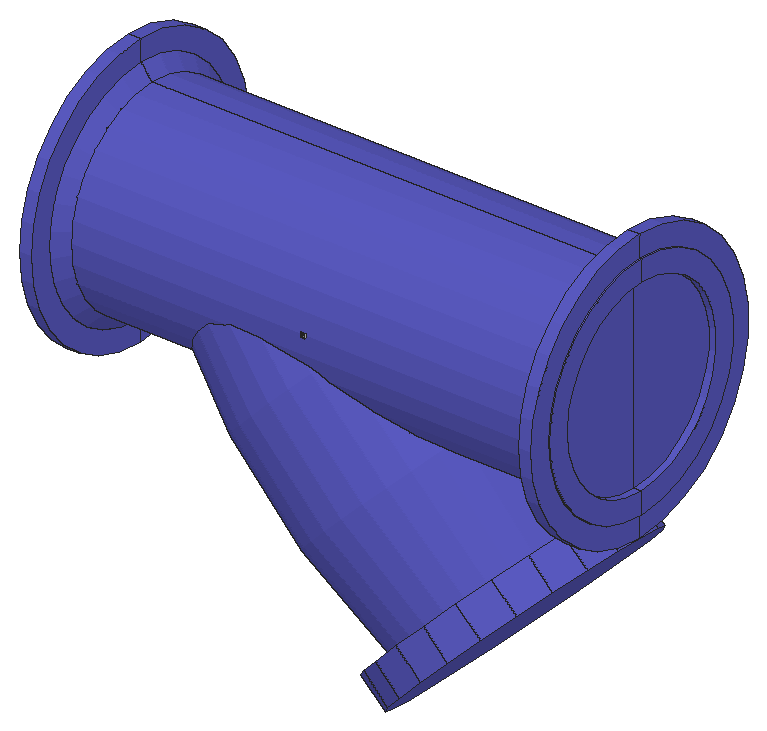
Revit family "Schmutzfänger 4111", category Rohrzubehör, Revit 2021
Family settings
  Bemaßung runder Anschluss = Durchmesser verwenden
  Teiletyp = Unterbricht
  OmniClass-Nummer = 23.65.55.14
  OmniClass-Titel = Valves for Liquid Services
  Arbeitsebenenbasiert = Nein
  Immer vertikal = Ja
  Beim Laden mit Abzugskörper schneiden = Nein
  Gemeinsam genutzt = Nein
Parameters
  Vorgabe-Ansicht = 0.000 mm
  PN = 1600000.0 Pa  # constant formula
  Min.Betriebstemperatur = -10 °C  # constant formula
  Max.Betriebstemperatur = 120 °C  # constant formula
  kvs [instance] = if(Nennweite = 50.000 mm, 51, if(Nennweite = 65.000 mm, 70, if(Nennweite = 80.000 mm, 114, if(Nennweite = 100.000 mm, 197, if(Nennweite = 125.000 mm, 271, if(Nennweite = 150.000 mm, 349, if(Nennweite = 200.000 mm, 449, if(Nennweite = 250.000 mm, 994, if(Nennweite = 300.000 mm, 1566, if(Nennweite = 350.000 mm, 2461, 3645))))))))))  # 3645
  Zwischenrahmen = "Edelstahl"  # constant formula
  W02 = 45.00°  # constant formula
  W01 = 140.00°  # constant formula
  Verschlussdichtung = "Kupfer"  # constant formula
  Verschluss = "St37"  # constant formula
  URL = "www.herz-armaturen.at"
  Schrauben [instance] = if(Nennweite = 50.000 mm, "4x M16x60", if(Nennweite = 65.000 mm, "4x M16x60", if(Nennweite = 80.000 mm, "8x M16x65", if(Nennweite = 100.000 mm, "8x M16x65", if(Nennweite = 125.000 mm, "8x M16x70", if(Nennweite = 150.000 mm, "8x M20x70", if(Nennweite = 200.000 mm, "12x M20x75", if(Nennweite = 250.000 mm, "12x M24x85", if(Nennweite = 300.000 mm, "12x M24x85", if(Nennweite = 350.000 mm, "16x M24x90", "16x M27x100"))))))))))  # "16x M27x100"
  SCRNSEQ = "AWI;AWI_TYP=\"1011\";2"
  SCRNCODE = "05;15;02"  # constant formula
  S01 [instance] = 2 * FLD01  # 580.000 mm
  R02 [instance] = size_lookup("4111_F_", "R2", 1.000 mm, Nennweite)  # 221.000 mm
  R01 [instance] = size_lookup("4111_F_", "R1", 1.000 mm, Nennweite)  # 250.000 mm
  Nennweite [instance] = 400.000 mm
  Medium = "Heizwasserqualität nach ÖNORM H5195 oder VDI-Standard 2035.\r\nDie Verwendung von Ethylen oder Propylenglykol im Mischungsverhältnis von 25-50% ist zulässig."
  L02 [instance] = size_lookup("4111_F_", "L2", 1.000 mm, Nennweite)  # 301.000 mm
  Hersteller = "HERZ Armaturen Ges.m.b.H."  # constant formula
  L01 [instance] = size_lookup("4111_F_", "L1", 1.000 mm, Nennweite)  # 550.000 mm
  H01 [instance] = size_lookup("4111_F_", "H1", 1.000 mm, Nennweite)  # 479.500 mm
  Gewicht [instance] = size_lookup("4111_F_", "Gew", 0, Nennweite)  # 505
  Gehäuse = "GG25"  # constant formula
  Filter (DN50-DN80) = "AISI 304, Maschenweite 600 μm"  # constant formula
  Filter (DN100-DN400) = "AISI 304, Maschenweite 1500 μm"  # constant formula
  FLL02 [instance] = size_lookup("4111_F_", "FLL2", 1.000 mm, Nennweite)  # 30.000 mm
  FLL01 [instance] = size_lookup("4111_F_", "FLL1", 1.000 mm, Nennweite)  # 4.000 mm
  FLD02 [instance] = size_lookup("4111_F_", "FLD2", 1.000 mm, Nennweite)  # 245.000 mm
  FLD01 [instance] = size_lookup("4111_F_", "FLD1", 1.000 mm, Nennweite)  # 290.000 mm
  Dichtung = "Klingerit"  # constant formula
  DN80 [instance] = Nennweite = 80.000 mm  # no
  DN65 [instance] = Nennweite = 65.000 mm  # no
  DN50 [instance] = Nennweite = 50.000 mm  # no
  DN400 [instance] = Nennweite = 400.000 mm  # yes
  DN350 [instance] = Nennweite = 350.000 mm  # no
  DN300 [instance] = Nennweite = 300.000 mm  # no
  DN250 [instance] = Nennweite = 250.000 mm  # no
  DN200 [instance] = Nennweite = 200.000 mm  # no
  DN150 [instance] = Nennweite = 150.000 mm  # no
  DN125 [instance] = Nennweite = 125.000 mm  # no
  DN100 [instance] = Nennweite = 100.000 mm  # no
  DN [instance] = Nennweite / 2  # 200.000 mm
  D01 [instance] = size_lookup("4111_F_", "D1", 1.000 mm, Nennweite)  # 216.000 mm
  Bestellnummer [instance] = size_lookup("4111_F_", "Artnr", 0, Nennweite)  # 4411190
  Aufsatz = "GG25"  # constant formula
  Anwendungen = "Für Flüssigkeiten in Warm- und Kaltwassersystemen"
Reference planes
  plane 1 "Mitte (Vorne/hinten)": y = 0
  plane 2: z = 0
  plane 3 "Mitte (Links/rechts)": x = 0
Forms (mm)
  Revolve 1, solid, material "Herz-Marineblau", detail levels fine
    sketch origin (0, 0, 0) x (1, 0, 0) y (0, 0, 1)
      loop
        line (-546, 245) -> (-550, 245) -> (-550, 200) -> (-533.79, 200) -> (-533.79, 0) -> (533.79, 0) -> (533.79, 200) -> (550, 200) -> (550, 245) -> (546, 245) -> (546, 290) -> (520, 290) -> (520, 234.5) -> (504.477, 216) -> (-495.666, 216) -> (-520, 245) -> (-520, 290) -> (-546, 290) -> (-546, 245)
      axis (-550, 0) -> (550, 0)
    angle from 0 to 360
  Revolve 2, solid, material "Herz-Marineblau", detail levels fine
    sketch origin (0, 0, 0) x (1, 0, 0) y (0, 0, 1)
      loop
        line (-230.5, 0) -> (-371.921, -141.421)
        arc (-371.921, -141.421) -> (-167.867, -415.168) -> (92.729, -635.771) r 1502.314
        line (92.729, -635.771) -> (249, -479.5) -> (-230.5, 0)
      axis (-230.5, 0) -> (249, -479.5)
    angle from 0 to 360
  Extrusion 3, solid, material "Herz-Marineblau", visible <- "DN50", detail levels fine
    sketch origin (12, 0, -74) x (0, 1, 0) y (0.707107, 0, 0.707107)
      loop
        arc (50, 40) -> (47.071, 47.071) -> (40, 50) r 10
        line (40, 50) -> (-40, 50)
        arc (-40, 50) -> (-47.071, 47.071) -> (-50, 40) r 10
        line (-50, 40) -> (-50, -40)
        arc (-50, -40) -> (-47.071, -47.071) -> (-40, -50) r 10
        line (-40, -50) -> (40, -50)
        arc (40, -50) -> (47.071, -47.071) -> (50, -40) r 10
        line (50, -40) -> (50, 40)
    from 30.5 to 0
  Extrusion 4, solid, material "Herz-Marineblau", visible <- "DN65", detail levels fine
    sketch origin (17, 0, -102.5) x (0, 1, 0) y (0.707107, 0, 0.707107)
      loop
        line (-60, 40) -> (-60, -40)
        arc (-60, -40) -> (-54.142, -54.142) -> (-40, -60) r 20
        line (-40, -60) -> (40, -60)
        arc (40, -60) -> (54.142, -54.142) -> (60, -40) r 20
        line (60, -40) -> (60, 40)
        arc (60, 40) -> (54.142, 54.142) -> (40, 60) r 20
        line (40, 60) -> (-40, 60)
        arc (-40, 60) -> (-54.142, 54.142) -> (-60, 40) r 20
    from 33 to 0
  Extrusion 5, solid, material "Herz-Marineblau", visible <- "DN80", detail levels fine
    sketch origin (44, 0, -118) x (0, 1, 0) y (0.707107, 0, 0.707107)
      loop
        line (-67, 47) -> (-67, -47)
        arc (-67, -47) -> (-61.142, -61.142) -> (-47, -67) r 20
        line (-47, -67) -> (47, -67)
        arc (47, -67) -> (61.142, -61.142) -> (67, -47) r 20
        line (67, -47) -> (67, 47)
        arc (67, 47) -> (61.142, 61.142) -> (47, 67) r 20
        line (47, 67) -> (-47, 67)
        arc (-47, 67) -> (-61.142, 61.142) -> (-67, 47) r 20
    from 34 to 0
  Extrusion 6, solid, material "Herz-Marineblau", visible <- "DN100", detail levels fine
    sketch origin (43, -449.258, -142) x (0, 1, 0) y (0.707107, 0, 0.707107)
      loop
        line (544.008, 0) -> (531.314, 47.375) -> (496.633, 82.056) -> (449.258, 94.75) -> (401.883, 82.056) -> (367.203, 47.375) -> (354.508, 0) -> (367.203, -47.375) -> (401.883, -82.056) -> (449.258, -94.75) -> (496.633, -82.056) -> (531.314, -47.375) -> (544.008, 0)
    from 35.5 to 0
  Extrusion 7, solid, material "Herz-Marineblau", visible <- "DN125", detail levels fine
    sketch origin (54, -422.813, -170) x (0, 1, 0) y (0.707107, 0, 0.707107)
      loop
        line (535.313, 0) -> (520.241, 56.25) -> (479.063, 97.428) -> (422.813, 112.5) -> (366.563, 97.428) -> (325.386, 56.25) -> (310.313, 0) -> (325.386, -56.25) -> (366.563, -97.428) -> (422.813, -112.5) -> (479.063, -97.428) -> (520.241, -56.25) -> (535.313, 0)
    from 44.5 to 0
  Extrusion 8, solid, material "Herz-Marineblau", visible <- "DN150", detail levels fine
    sketch origin (61.5, -490.074, -187.5) x (0, 1, 0) y (0.707107, 0, 0.707107)
      loop
        line (621.324, 0) -> (603.739, 65.625) -> (555.699, 113.666) -> (490.074, 131.25) -> (424.449, 113.666) -> (376.408, 65.625) -> (358.824, 0) -> (376.408, -65.625) -> (424.449, -113.666) -> (490.074, -131.25) -> (555.699, -113.666) -> (603.739, -65.625) -> (621.324, 0)
    from 44.7 to 0
  Extrusion 9, solid, material "Herz-Marineblau", visible <- "DN200", detail levels fine
    sketch origin (82, -429.19, -249) x (0, 1, 0) y (0.707107, 0, 0.707107)
      loop
        line (588.19, 0) -> (566.888, 79.5) -> (508.69, 137.698) -> (429.19, 159) -> (349.69, 137.698) -> (291.492, 79.5) -> (270.19, 0) -> (291.492, -79.5) -> (349.69, -137.698) -> (429.19, -159) -> (508.69, -137.698) -> (566.888, -79.5) -> (588.19, 0)
    from 47 to 0
  Extrusion 10, solid, material "Herz-Marineblau", visible <- "DN250", detail levels fine
    sketch origin (109.5, -496.545, -300) x (0, 1, 0) y (0.707107, 0, 0.707107)
      loop
        line (686.545, 0) -> (680.071, 49.176) -> (661.09, 95) -> (630.895, 134.35) -> (591.545, 164.545) -> (545.72, 183.526) -> (496.545, 190) -> (447.369, 183.526) -> (401.545, 164.545) -> (362.194, 134.35) -> (332, 95) -> (313.019, 49.176) -> (306.545, 0) -> (313.019, -49.176) -> (332, -95) -> (362.194, -134.35) -> (401.545, -164.545) -> (447.369, -183.526) -> (496.545, -190) -> (545.72, -183.526) -> (591.545, -164.545) -> (630.895, -134.35) -> (661.09, -95) -> (680.071, -49.176) -> (686.545, 0)
    from 56.5 to 0
  Extrusion 11, solid, material "Herz-Marineblau", visible <- "DN300", detail levels fine
    sketch origin (82, 617.078, -333) x (0, 1, 0) y (0.707107, 0, 0.707107)
      loop
        line (-390.078, 0) -> (-397.813, 58.752) -> (-420.49, 113.5) -> (-456.565, 160.513) -> (-503.578, 196.588) -> (-558.326, 219.265) -> (-617.078, 227) -> (-675.83, 219.265) -> (-730.578, 196.588) -> (-777.591, 160.513) -> (-813.666, 113.5) -> (-836.343, 58.752) -> (-844.078, 0) -> (-836.343, -58.752) -> (-813.666, -113.5) -> (-777.591, -160.513) -> (-730.578, -196.588) -> (-675.83, -219.265) -> (-617.078, -227) -> (-558.326, -219.265) -> (-503.578, -196.588) -> (-456.565, -160.513) -> (-420.49, -113.5) -> (-397.813, -58.752) -> (-390.078, 0)
    from 61 to 0
  Extrusion 12, solid, material "Herz-Marineblau", visible <- "DN350", detail levels fine
    sketch origin (211, 802.601, -476) x (0, 1, 0) y (0.707107, 0, 0.707107)
      loop
        line (-547.601, 0) -> (-556.29, 65.999) -> (-581.764, 127.5) -> (-622.288, 180.312) -> (-675.101, 220.836) -> (-736.602, 246.311) -> (-802.601, 255) -> (-868.6, 246.311) -> (-930.101, 220.836) -> (-982.913, 180.312) -> (-1023.437, 127.5) -> (-1048.912, 65.999) -> (-1057.601, 0) -> (-1048.912, -65.999) -> (-1023.437, -127.5) -> (-982.913, -180.312) -> (-930.101, -220.836) -> (-868.6, -246.311) -> (-802.601, -255) -> (-736.602, -246.311) -> (-675.101, -220.836) -> (-622.288, -180.312) -> (-581.764, -127.5) -> (-556.29, -65.999) -> (-547.601, 0)
    from 73 to 0
  Extrusion 13, solid, material "Herz-Marineblau", visible <- "DN400", detail levels fine
    sketch origin (249, 812.573, -479.5) x (0, 1, 0) y (0.707107, 0, 0.707107)
      loop
        line (-532.573, 0) -> (-542.114, 72.469) -> (-570.086, 140) -> (-614.583, 197.99) -> (-672.573, 242.487) -> (-740.104, 270.459) -> (-812.573, 280) -> (-885.042, 270.459) -> (-952.573, 242.487) -> (-1010.563, 197.99) -> (-1055.06, 140) -> (-1083.032, 72.469) -> (-1092.573, 0) -> (-1083.032, -72.469) -> (-1055.06, -140) -> (-1010.563, -197.99) -> (-952.573, -242.487) -> (-885.042, -270.459) -> (-812.573, -280) -> (-740.104, -270.459) -> (-672.573, -242.487) -> (-614.583, -197.99) -> (-570.086, -140) -> (-542.114, -72.469) -> (-532.573, 0)
    from 74 to 0
Lines and regions (mm)
  model lines, detail levels coarse+medium
    curve 1: line (-550, 0, 290) -> (550, 0, 290)
    curve 2: line (-550, 0, -290) -> (-550, 0, 290)
    curve 3: line (550, 0, -290) -> (-550, 0, -290)
    curve 4: line (550, 0, 290) -> (550, 0, -290)
    curve 5: line (550, 0, -290) -> (-550, 0, 290)
    curve 6: line (-550, 290, 0) -> (550, 290, 0)
    curve 7: line (-550, -290, 0) -> (-550, 290, 0)
    curve 8: line (550, -290, 0) -> (-550, -290, 0)
    curve 9: line (550, 290, 0) -> (550, -290, 0)
    curve 10: line (550, -290, 0) -> (-550, 290, 0)
Dimensions and locks
  "FLD01": Revolve 1 sketch curve to plane 2  (x2)
  "FLD02": Revolve 1 sketch curve to plane 2  (x3)
  "DN": Revolve 1 sketch curve to plane 2  (x2)
  "L01": Revolve 1 sketch curve to plane 3 "Mitte (Links/rechts)"  (x2)
  "FLL01": Revolve 1 sketch curve to Revolve 1 sketch curve  (x2)
  "FLL02": Revolve 1 sketch curve to Revolve 1 sketch curve  (x2)
  "D01": Revolve 1 sketch curve to plane 2  (x2)
  "H01": plane 2 to Revolve 2 sketch curve
  "L02": Revolve 2 sketch curve to Revolve 1
  "R02": Revolve 2 sketch curve to Revolve 2 sketch curve
  "DN": Revolve 2 sketch curve to Revolve 2 sketch curve
  "D01": nested 1 to plane 1 "Mitte (Vorne/hinten)"
  "L01": plane 3 "Mitte (Links/rechts)" to curve 2
  "L01": plane 3 "Mitte (Links/rechts)" to curve 4
  equal spacing: curve 5, plane 2, curve 3
  "S01": curve 1 to curve 3
  equal spacing: curve 8, plane 1 "Mitte (Vorne/hinten)", curve 6
  "S01": curve 8 to curve 6
  "L01": curve 7 to plane 3 "Mitte (Links/rechts)"
  "L01": plane 3 "Mitte (Links/rechts)" to curve 9
  "R01": Revolve 2 sketch curve to Revolve 2 sketch curve
  "W01": angle Revolve 1 sketch curve to Revolve 1 sketch curve  (x2)
  "W02": angle Revolve 2 sketch curve to plane 2
  aligned and locked: level to plane 2
Automatic sketch dimensions
  plane 1 "Mitte (Vorne/hinten)" to Extrusion 3 sketch curve = 50.000 mm
  Extrusion 3 sketch curve to Extrusion 3 sketch curve = 10.000 mm  (x3)
  Extrusion 3 sketch curve to plane 1 "Mitte (Vorne/hinten)" = 40.000 mm  (x2)
  Extrusion 3 sketch curve to Extrusion 3 sketch curve = 80.000 mm
  plane 1 "Mitte (Vorne/hinten)" to Extrusion 4 sketch curve = 60.000 mm
  Extrusion 4 sketch curve to Extrusion 4 sketch curve = 20.000 mm  (x3)
  Extrusion 4 sketch curve to plane 1 "Mitte (Vorne/hinten)" = 40.000 mm  (x2)
  Extrusion 4 sketch curve to Extrusion 4 sketch curve = 80.000 mm
  plane 1 "Mitte (Vorne/hinten)" to Extrusion 5 sketch curve = 67.000 mm
  Extrusion 5 sketch curve to Extrusion 5 sketch curve = 20.000 mm  (x3)
  Extrusion 5 sketch curve to plane 1 "Mitte (Vorne/hinten)" = 47.000 mm  (x2)
  Extrusion 5 sketch curve to Extrusion 5 sketch curve = 94.000 mm
  Extrusion 6 sketch curve to plane 1 "Mitte (Vorne/hinten)" = 0.000 mm  (x2)
  plane 1 "Mitte (Vorne/hinten)" to Extrusion 6 sketch curve = 47.375 mm  (x2)
  Extrusion 6 sketch curve to Extrusion 6 sketch curve = 34.681 mm  (x8)
  Extrusion 6 sketch curve to Extrusion 6 sketch curve = 12.694 mm  (x5)
  Extrusion 6 sketch curve to plane 1 "Mitte (Vorne/hinten)" = 47.375 mm  (x2)
  Extrusion 6 sketch curve to Extrusion 6 sketch curve = 47.375 mm  (x4)
  Extrusion 7 sketch curve to plane 1 "Mitte (Vorne/hinten)" = 0.000 mm  (x2)
  plane 1 "Mitte (Vorne/hinten)" to Extrusion 7 sketch curve = 56.250 mm  (x2)
  Extrusion 7 sketch curve to Extrusion 7 sketch curve = 41.178 mm  (x8)
  Extrusion 7 sketch curve to Extrusion 7 sketch curve = 15.072 mm  (x5)
  Extrusion 7 sketch curve to plane 1 "Mitte (Vorne/hinten)" = 56.250 mm  (x2)
  Extrusion 7 sketch curve to Extrusion 7 sketch curve = 56.250 mm  (x4)
  Extrusion 8 sketch curve to plane 1 "Mitte (Vorne/hinten)" = 0.000 mm  (x2)
  plane 1 "Mitte (Vorne/hinten)" to Extrusion 8 sketch curve = 65.625 mm  (x2)
  Extrusion 8 sketch curve to Extrusion 8 sketch curve = 48.041 mm  (x8)
  Extrusion 8 sketch curve to Extrusion 8 sketch curve = 17.584 mm  (x5)
  Extrusion 8 sketch curve to plane 1 "Mitte (Vorne/hinten)" = 65.625 mm  (x2)
  Extrusion 8 sketch curve to Extrusion 8 sketch curve = 65.625 mm  (x4)
  Extrusion 9 sketch curve to plane 1 "Mitte (Vorne/hinten)" = 0.000 mm  (x2)
  plane 1 "Mitte (Vorne/hinten)" to Extrusion 9 sketch curve = 79.500 mm  (x2)
  Extrusion 9 sketch curve to Extrusion 9 sketch curve = 58.198 mm  (x8)
  Extrusion 9 sketch curve to Extrusion 9 sketch curve = 21.302 mm  (x5)
  Extrusion 9 sketch curve to plane 1 "Mitte (Vorne/hinten)" = 79.500 mm  (x2)
  Extrusion 9 sketch curve to Extrusion 9 sketch curve = 79.500 mm  (x4)
  Extrusion 10 sketch curve to plane 1 "Mitte (Vorne/hinten)" = 0.000 mm  (x2)
  plane 1 "Mitte (Vorne/hinten)" to Extrusion 10 sketch curve = 49.176 mm  (x2)
  Extrusion 10 sketch curve to Extrusion 10 sketch curve = 45.824 mm  (x8)
  Extrusion 10 sketch curve to Extrusion 10 sketch curve = 39.350 mm  (x8)
  Extrusion 10 sketch curve to Extrusion 10 sketch curve = 30.195 mm  (x8)
  Extrusion 10 sketch curve to Extrusion 10 sketch curve = 18.981 mm  (x8)
  Extrusion 10 sketch curve to Extrusion 10 sketch curve = 6.474 mm  (x5)
  Extrusion 10 sketch curve to plane 1 "Mitte (Vorne/hinten)" = 49.176 mm  (x2)
  Extrusion 10 sketch curve to Extrusion 10 sketch curve = 49.176 mm  (x4)
  Extrusion 11 sketch curve to plane 1 "Mitte (Vorne/hinten)" = 0.000 mm  (x2)
  plane 1 "Mitte (Vorne/hinten)" to Extrusion 11 sketch curve = 58.752 mm  (x2)
  Extrusion 11 sketch curve to Extrusion 11 sketch curve = 54.748 mm  (x8)
  Extrusion 11 sketch curve to Extrusion 11 sketch curve = 47.013 mm  (x8)
  Extrusion 11 sketch curve to Extrusion 11 sketch curve = 36.075 mm  (x8)
  Extrusion 11 sketch curve to Extrusion 11 sketch curve = 22.677 mm  (x8)
  Extrusion 11 sketch curve to Extrusion 11 sketch curve = 7.735 mm  (x5)
  Extrusion 11 sketch curve to plane 1 "Mitte (Vorne/hinten)" = 58.752 mm  (x2)
  Extrusion 11 sketch curve to Extrusion 11 sketch curve = 58.752 mm  (x4)
  Extrusion 12 sketch curve to plane 1 "Mitte (Vorne/hinten)" = 0.000 mm  (x2)
  plane 1 "Mitte (Vorne/hinten)" to Extrusion 12 sketch curve = 65.999 mm  (x2)
  Extrusion 12 sketch curve to Extrusion 12 sketch curve = 61.501 mm  (x8)
  Extrusion 12 sketch curve to Extrusion 12 sketch curve = 52.812 mm  (x8)
  Extrusion 12 sketch curve to Extrusion 12 sketch curve = 40.524 mm  (x8)
  Extrusion 12 sketch curve to Extrusion 12 sketch curve = 25.475 mm  (x8)
  Extrusion 12 sketch curve to Extrusion 12 sketch curve = 8.689 mm  (x5)
  Extrusion 12 sketch curve to plane 1 "Mitte (Vorne/hinten)" = 65.999 mm  (x2)
  Extrusion 12 sketch curve to Extrusion 12 sketch curve = 65.999 mm  (x4)
  Extrusion 13 sketch curve to plane 1 "Mitte (Vorne/hinten)" = 0.000 mm  (x2)
  plane 1 "Mitte (Vorne/hinten)" to Extrusion 13 sketch curve = 72.469 mm  (x2)
  Extrusion 13 sketch curve to Extrusion 13 sketch curve = 67.531 mm  (x8)
  Extrusion 13 sketch curve to Extrusion 13 sketch curve = 57.990 mm  (x8)
  Extrusion 13 sketch curve to Extrusion 13 sketch curve = 44.497 mm  (x8)
  Extrusion 13 sketch curve to Extrusion 13 sketch curve = 27.972 mm  (x8)
  Extrusion 13 sketch curve to Extrusion 13 sketch curve = 9.541 mm  (x5)
  Extrusion 13 sketch curve to plane 1 "Mitte (Vorne/hinten)" = 72.469 mm  (x2)
  Extrusion 13 sketch curve to Extrusion 13 sketch curve = 72.469 mm  (x4)
  Revolve 1 sketch curve to level = 0.000 mm  (x2)
  Revolve 1 sketch curve to Revolve 1 sketch curve = 16.210 mm  (x2)
  Revolve 1 sketch curve to Revolve 1 sketch curve = 15.523 mm
  Revolve 1 sketch curve to Revolve 1 sketch curve = 1391.530 mm
  Revolve 1 sketch curve to Revolve 1 sketch curve = 1724.148 mm
  Revolve 2 sketch curve to level = 0.000 mm  (x2)
  Revolve 2 sketch curve to Revolve 2 sketch curve = 0.000 mm  (x3)
Nested families
  nested 1: "Herz-Logo-vorne" at (0, -216, 0) x (0, -1, 0) z (0, 0, 1), type "Herz-Logo-vorne", detail levels fine
Connectors
  piping at (-550, 0, 0), diameter 400, driven by "Nennweite"
    settings: on Revolve 1, index 1, connector inside diameter 609.6 mm, connector length 0.000 mm, flow factor 0, pipe flow 0.0 L/s, pressure drop 0.0 Pa, fitting loss kfactor 0, connector angle 0.00°, fixture units 0, engagement length 0.000 mm, angle of deflection 0.00°, flow configuration 0, flow direction 1, fitting loss method 0, system type 29, joint type 0, gender type 0, connector reference index -1, connector utility 0, adjustable connector no, is connector primary yes, connector description ""
  piping at (550, 0, 0), diameter 400, driven by "Nennweite"
    settings: on Revolve 1, index 2, connector inside diameter 609.6 mm, connector length 0.000 mm, flow factor 0, pipe flow 0.0 L/s, pressure drop 0.0 Pa, fitting loss kfactor 0, connector angle 0.00°, fixture units 0, engagement length 0.000 mm, angle of deflection 0.00°, flow configuration 0, flow direction 2, fitting loss method 0, system type 29, joint type 0, gender type 0, connector reference index -1, connector utility 0, adjustable connector no, is connector primary no, connector description ""
Definition of nested family "Herz-Logo-vorne"
  Parameters (values of type "Herz-Logo-vorne")
    Default Elevation = 0.000 mm
  Reference planes
    plane 1 "Mitte (Vorne/hinten)": y = 0
    plane 2: z = 0
    plane 3 "Mitte (Links/rechts)": x = 0
  Forms (mm)
    Extrusion 1, solid
      sketch origin (0.732, -0.018, 0.017) x (0, -1, 0) y (0, 0, 1)
        loop
          line (-0.018, -4.517) -> (4.482, -4.517) -> (4.482, 4.483) -> (-4.518, 4.483) -> (-4.518, -4.517) -> (-0.018, -4.517)
        loop
          line (-0.05, -3.48) -> (3.482, -3.48) -> (3.482, 3.483) -> (-3.518, 3.483) -> (-3.518, -3.48) -> (-0.05, -3.48)
        loop
          arc (-0.018, 2.383) -> (-1.543, 3.287) -> (-3.067, 2.383) r 1.738
          arc (-3.067, 2.383) -> (-3.191, 1.899) -> (-3.067, 1.415) r 1.009
          line (-3.067, 1.415) -> (-0.018, -3.281) -> (3.032, 1.415)
          arc (3.032, 1.415) -> (3.156, 1.899) -> (3.032, 2.383) r 1.009
          arc (3.032, 2.383) -> (1.507, 3.287) -> (-0.018, 2.383) r 1.738
        loop
          arc (1.885, 1.272) -> (2.005, 1.675) -> (1.885, 2.079) r 0.74
          arc (1.885, 2.079) -> (1.265, 2.416) -> (0.644, 2.079) r 0.74
          line (0.644, 2.079) -> (-0.018, 0.97) -> (-0.679, 2.079)
          arc (-0.679, 2.079) -> (-1.3, 2.416) -> (-1.921, 2.079) r 0.74
          arc (-1.921, 2.079) -> (-2.04, 1.675) -> (-1.921, 1.272) r 0.74
          line (-1.921, 1.272) -> (-0.018, -1.658) -> (1.885, 1.272)
      from 0 to 1.5
  Dimensions and locks
    aligned and locked: level to plane 2
